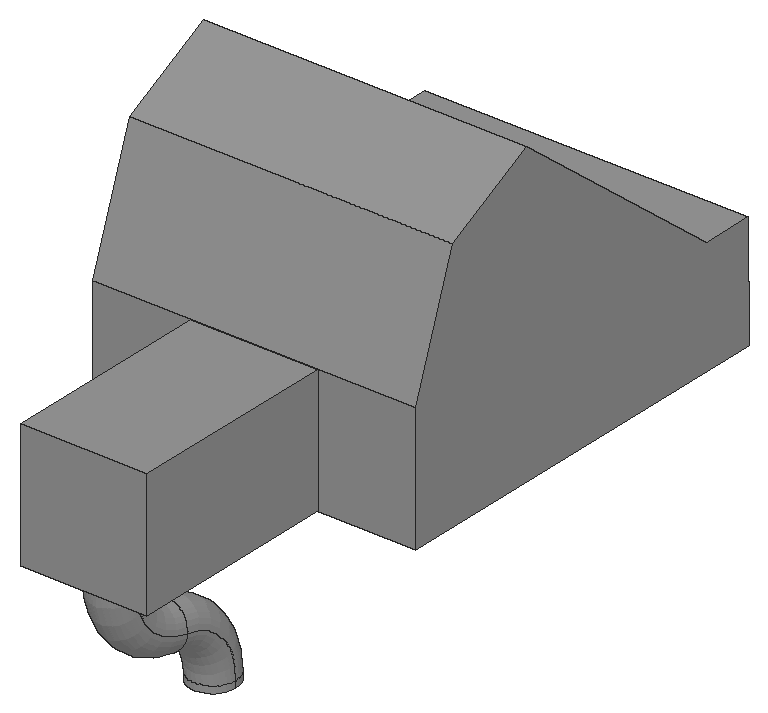
Revit family "Urinal-Willoughby-1814-UW-WO-BS", category Plumbing Fixtures, Revit 2015
Parameters (values of type "Standard")
  Waste DIA = 2"
  Waste Connection = yes
  Vent Connection = no
  URL = "www.willoughby-ind.com"
  Type Comments = ""
  Revision = "A"
  Model = "UW-1814-WO-BS"
  Manufacturer = "Willoughby Industries"
  HW Connection = no
  Flush Inlet DIA = 3/4"
  Flush Inlet Connection = yes
  Fixture Body = Stainless Steel AISI 304-Willoughby
  Description = "Washout Trough Urinal, Back Spud"
  Default Elevation = 1' - 2"
  Contact Info. = "(800) 428-4065"
  CW Connection = no
Reference planes (in)
  plane 1 "Center (Front/Back)": y = 0
  plane 2: z = 0
  plane 3 "Center (Left/Right)": x = 0
Forms (in)
  Extrusion 1, solid, material "Stainless Steel AISI 304-Willoughby" <- "Fixture Body"
    sketch origin (0, 0, 0) x (1, 0, 0) y (0, 0, 1)
      loop
        line (-7, 5) -> (-7, 0) -> (7, 0) -> (7, 5) -> (-7, 5)
    from -18 to 0
  Extrusion 2, solid, material "Stainless Steel AISI 304-Willoughby" <- "Fixture Body"
    sketch origin (0, 0, -0.06446) x (0, 1, 0) y (0, 0, 1)
      loop
        line (0, 5.06446) -> (15.75, 5.06446) -> (6, 13.06446) -> (2, 11.06446) -> (0, 5.56446) -> (0, 5.06446)
    from -7 to 7
  Extrusion 3, void, detail levels fine
    sketch origin (0, 0, 0) x (1, 0, 0) y (0, 0, 1)
      loop
        line (6.375, 12.375) -> (-6.375, 12.375) -> (-6.375, 2) -> (6.375, 2) -> (6.375, 12.375)
    from -5.08704 to -15.71619
  Extrusion 4, solid, material "Stainless Steel AISI 304-Willoughby" <- "Fixture Body"
    sketch origin (0, 0, 0) x (0, 1, 0) y (0, 0, 1)
      loop
        line (0, 5.5) -> (-9.25, 5.5) -> (-9.25, 0) -> (0, 0) -> (0, 5.5)
    from -2.75 to 2.75
  Sweep 5, solid, material "Stainless Steel AISI 304-Willoughby" <- "Fixture Body"
    path origin (0, 0, 0) x (0, 1, 0) y (0, 0, 1)
      loop
        arc (-7.74999, -0.0062) -> (-6.93002, -2.15812) -> (-4.89, -3.22652) r 3.25
        arc (-4.89, -3.22652) -> (-3.00501, -4.21486) -> (-2.25, -6.20484) r 3
        line (-2.25, -6.20484) -> (-2.25, -6.5)
    profile origin (0, -2.25, -6.35242) x (1, 0, 0) y (0, 1, 0)
      loop
        circle (0, 0) r 1
  Extrusion 6, solid, material "Stainless Steel AISI 304-Willoughby" <- "Fixture Body"
    sketch origin (0, 4.125, 0.25) x (1, 0, 0) y (0, 1, 0)
      loop
        circle (0, 12.75) r 0.375
    from -0.25 to 0.44537
Cuts and joins
  Extrusion 3 cuts Extrusion 1
  Extrusion 3 cuts Extrusion 2
  joined: Extrusion 1, Extrusion 2
Lines and regions (in)
  symbolic lines
    curve 1: line (7, 0, 0) -> (-7, 0, 0)
    curve 2: line (-7, 0, 0) -> (-7, 18, 0)
    curve 3: line (-7, 18, 0) -> (7, 18, 0)
    curve 4: line (7, 18, 0) -> (7, 0, 0)
    curve 5: line (-7, 2, 0) -> (7, 2, 0)
    curve 6: line (-7, 15.75, 0) -> (7, 15.75, 0)
    curve 11: line (2.75, 0, 0) -> (2.75, -9.25, 0)
    curve 12: line (2.75, -9.25, 0) -> (-2.75, -9.25, 0)
    curve 13: line (-2.75, -9.25, 0) -> (-2.75, 0, 0)
    curve 14: line (7, 0, 0) -> (7, 0, 13)
    curve 15: line (7, 0, 13) -> (-7, 0, 13)
    curve 16: line (-7, 0, 13) -> (-7, 0, 0)
    curve 17: line (-7, 0, 0) -> (7, 0, 0)
    curve 22: line (0, -9.25, 0) -> (0, 18, 0)
    curve 23: line (0, 18, 0) -> (0, 18, 5)
    curve 24: line (0, 18, 5) -> (0, 15.75, 5)
    curve 25: line (0, 15.75, 5) -> (0, 6, 13)
    curve 26: line (0, 6, 13) -> (0, 2, 11)
    curve 27: line (0, 2, 11) -> (0, 0, 5.5)
    curve 28: line (0, 0, 5.5) -> (0, 0, 0)
    curve 29: line (0, 0, 5.5) -> (0, -9.25, 5.5)
    curve 30: line (0, -9.25, 5.5) -> (0, -9.25, 0)
  symbolic lines, detail levels medium+fine
    curve 7: line (-7, 6, 0) -> (7, 6, 0)
    curve 18: line (7, 0, 5) -> (-7, 0, 5)
  symbolic lines, detail levels fine
    curve 8: line (-6.375, 15.75, 0) -> (-6.375, 6.76172, 0)
    curve 9: line (-6.375, 6.76172, 0) -> (6.375, 6.76172, 0)
    curve 10: line (6.375, 6.76172, 0) -> (6.375, 15.71619, 0)
    curve 19: line (6.375, 0, 5) -> (6.375, 0, 12.375)
    curve 20: line (6.375, 0, 12.375) -> (-6.375, 0, 12.375)
    curve 21: line (-6.375, 0, 12.375) -> (-6.375, 0, 5)
Connectors (in)
  piping at (0, -2.25, -6.5), diameter 2, driven by "Waste Connection", driven by "Waste DIA"
    settings: on Sweep 5, index 1, connector inside diameter 2", connector length 0' - 0", flow factor 0, pipe flow 0 GPM, pressure drop 0.00 psi, fitting loss kfactor 0, connector angle 0.00°, fixture units 0, engagement length 0' - 0", angle of deflection 0.00°, flow configuration 0, flow direction 2, fitting loss method 0, system type 16, joint type 0, gender type 0, connector reference index -1, connector utility 1, adjustable connector yes, is connector primary yes, connector description "Urinal Waste"
  piping at (0, 16.875, 0), diameter 0.75, driven by "Flush Inlet Connection", driven by "Flush Inlet DIA"
    settings: on Extrusion 6, index 2, connector inside diameter 3/4", connector length 0' - 0", flow factor 0, pipe flow 0 GPM, pressure drop 0.00 psi, fitting loss kfactor 0, connector angle 0.00°, fixture units 0, engagement length 0' - 0", angle of deflection 0.00°, flow configuration 0, flow direction 1, fitting loss method 0, system type 20, joint type 0, gender type 0, connector reference index -1, connector utility 1, adjustable connector no, is connector primary no, connector description "Flush Inlet"
